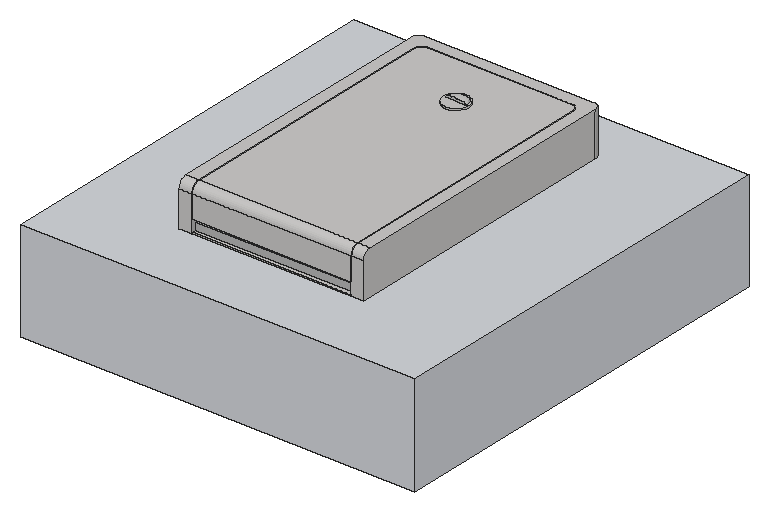
Revit family
Parameters (values of type "as Specified")
  seatangle [instance] = if(Fold Down, 90.00°, 0.00°)  # 0.00°
  dooradjustb [instance] = if(seatangle = 0.00°, 0' 1", 0' 3")  # 0' - 1"
  dooradjust [instance] = if(seatangle = 0.00°, 0' 4 1/4", 0' 2")  # 0' - 4 1/4"
  Warranty Duration (Years) = 0
  Unit Width = 1' - 10"
  Unit Height = 2' - 11 1/2"
  Unit Depth = 0' - 5 1/4"
  URL = "http://www.bobrick.com/Pages/default.aspx"
  Test Data = ""
  Standards Conformance = "Made in U.S.A."
  Specification = ""
  SpecWizard = ""
  Send Message = "http://www.arcat.com/users.pl?action=UserEmail&company=Bobrick+Washroom+Equipment,+Inc.&coid=30988&rep=156&fax=818-503-1930&mf="
  Sales Information = "http://www.bobrick.com/Pages/ContactUs.aspx"
  Revision = "R1_10_2012"
  Region Restriction = "None"
  Recycled Content = "68%"
  Product Properties = ""
  Product Data = "http://arcat.com/arcatcos/cos30/arc30988.html?isac=1&r=1"
  Mounting Height [instance] = 5' - 2 1/2"
  Model = "KB111-SSWM"
  Manufacturer Website = "http://www.bobrick.com/Pages/default.aspx"
  Manufacturer Phone - Toll Free = ""
  Manufacturer Phone = "818-764-1000"
  Manufacturer Fax = "818-503-1930"
  Manufacturer Address = "11611 Hart St. North Hollywood, CA 91605-5882"
  Manufacturer = "Bobrick Washroom Equipment, Inc."
  Maintenance Schedule (Months) = 0
  Keynote = "102813"
  Interior Color [instance] = Plastic - Bobrick - Grey
  Installation-Fabrication = "http://www.bobrick.com/washroomaccessories/Pages/WashroomAccessories.aspx"
  Installation Phase = ""
  Green Building-LEED = ""
  Fold Up [instance] = not(Fold Down)  # yes
  Fold Down [instance] = no
  Finish Material = Steel - Bobrick - Stainless Satin
  Expected Lifespan (Years) = 0
  Drawn By = "Sumex Design, Inc. / Robert S. Weygant, CSI, CDT, SCIP"
  Description = "Bobrick Vertical Baby Changing Station - Koala Kare KB111-SSWM"
  Default Elevation = 0' - 0"
  Copyright = "©Arcat Inc."
  Construction Details = ""
  Capacity = "60 lbs  ;  20 - 25 liners"
  Building Codes = ""
  Assembly Code = "E1090900"
Reference planes (in)
  plane 1 "x": y = 0.84457
  plane 2: z = 0
  plane 3 "Center (Left/Right)": x = 0
  plane 4: y = 18.59457
  plane 5: y = -16.90543
  plane 6: x = -11
  plane 7: x = 11
  plane 8: z = 1.5
  plane 9: z = 0
  plane 10: z = 5.25
  plane 11 "FF": y = -43.90543
  plane 12: z = 4.25
  plane 13: y = -15.90543
Forms (in)
  Extrusion 1, solid
    sketch origin (0, 0, 0) x (1, 0, 0) y (0, 1, 0)
      loop
        line (-23, 24.17835) -> (-23, -25.601) -> (23.9838, -25.601) -> (23.9838, 24.17835) -> (-23, 24.17835)
    from 0 to -12
  Extrusion 2, solid, material "Steel - Bobrick - Stainless Satin" <- "Finish Material"
    sketch origin (0, 0, 0) x (1, 0, 0) y (0, 1, 0)
      loop
        arc (-10, 18.59457) -> (-10.70711, 18.30168) -> (-11, 17.59457) r 1
        line (-11, 17.59457) -> (-11, -16.90543) -> (-9.5, -16.90543) -> (-9.5, 16.09457)
        arc (-9.5, 16.09457) -> (-9.20711, 16.80168) -> (-8.5, 17.09457) r 1
        line (-8.5, 17.09457) -> (8.5, 17.09457)
        arc (8.5, 17.09457) -> (9.20711, 16.80168) -> (9.5, 16.09457) r 1
        line (9.5, 16.09457) -> (9.5, -16.90543) -> (11, -16.90543) -> (11, 17.59457)
        arc (11, 17.59457) -> (10.70711, 18.30168) -> (10, 18.59457) r 1
        line (10, 18.59457) -> (-10, 18.59457)
    from 0 to 5.25
  Extrusion 3, solid, material "Steel - Bobrick - Stainless Satin" <- "Finish Material"
    sketch origin (-15.17702, -180, 0) x (-1, 0, 0) y (0, -1, 0)
      loop
        line (-5.67702, -197.09457) -> (-5.67702, -163.09457) -> (-24.67702, -163.09457) -> (-24.67702, -197.09457) -> (-5.67702, -197.09457)
    from 0.125 to 0
  Extrusion 4, solid, material "Steel - Bobrick - Stainless Satin" <- "Finish Material"
    sketch origin (0, -15.90543, 4.25) x (0, 1, 0) y (0, 0, 1)
      loop
        line (0, -0.25) -> (33, -0.25) -> (33, 1) -> (0, 1)
        arc (0, 1) -> (-0.70711, 0.70711) -> (-1, 0) r 1
        line (-1, 0) -> (-1, -2.75) -> (0, -2.75) -> (0, -0.25)
    from -9.5 to 9.5
  Extrusion 5, solid, material "Plastic - Bobrick - Grey" <- "Interior Color"
    sketch origin (0, -15.90543, 3.25) x (0, 1, 0) y (0, 0, 1)
      loop
        line (0, -3) -> (32.30443, -3) -> (32.30443, 0) -> (33, 0) -> (33, 0.75) -> (0, 0.75) -> (0, -3)
    from -9.5 to 9.5
  Extrusion 6, solid, material "Plastic - Bobrick - Grey" <- "Interior Color"
    sketch origin (0, -15.90543, 4.25) x (0, 1, 0) y (0, 0, 1)
      loop
        line (2.5, -2) -> (16.437, -2) -> (16.437, -0.75) -> (2.5, -0.75) -> (2.5, -2)
    from 8.75 to 7.743
  Extrusion 7, solid, material "Plastic - Bobrick - Grey" <- "Interior Color"
    sketch origin (0, -15.90543, 4.25) x (0, 1, 0) y (0, 0, -1)
      loop
        line (2.5, 2) -> (2.5, 0.75) -> (16.437, 0.75) -> (16.437, 2) -> (2.5, 2)
    from 7.70823 to 8.61153
  Extrusion 8, solid, material "Plastic - Bobrick - Grey" <- "Interior Color"
    sketch origin (0, 0, 0) x (0, 1, 0) y (0, 0, 1)
      loop
        arc (-9.34426, 2.7591) -> (-9.55478, 2.85283) -> (-9.69665, 2.67123) r 0.18715
        line (-9.69665, 2.67123) -> (-9.69665, 0.965) -> (-16.40543, 0.965) -> (-16.40543, 0.125) -> (17.09457, 0.125) -> (17.09457, 0.25) -> (-8.01015, 0.25) -> (-9.34426, 2.7591)
    from -10.25 to 10.25
  Extrusion 9, solid, material "Plastic - Bobrick - Grey" <- "Interior Color"
    sketch origin (0, 5.875, 0) x (0, 1, 0) y (0, 0, 1)
      loop
        line (-3.78043, 2.5) -> (-3.78043, 0.25) -> (5.50571, 0.25) -> (4.45652, 2.5) -> (-3.78043, 2.5)
    from 4 to -3
  Extrusion 10, void
    sketch origin (0, 17.09457, 5.25) x (0, -1, 0) y (1, 0, 0)
      loop
        line (0, -9.5) -> (1, -9.5)
        arc (1, -9.5) -> (0.29289, -9.20711) -> (0, -8.5) r 1
        line (0, -8.5) -> (0, -9.5)
    from 0 to -6
  Extrusion 11, void
    sketch origin (0, 17.09457, 5.25) x (0, -1, 0) y (1, 0, 0)
      loop
        line (0, 9.5) -> (0, 8.5)
        arc (0, 8.5) -> (0.29289, 9.20711) -> (1, 9.5) r 1
        line (1, 9.5) -> (0, 9.5)
    from 0 to -6
  Extrusion 12, solid, material "Steel - Bobrick - Stainless Satin" <- "Finish Material"
    sketch origin (0, 12.71957, 5.25) x (0, -1, 0) y (1, 0, 0)
      loop
        circle (2.11807, 0) r 1.5
    from 0 to 0.125
  Revolve 13, solid, material "Steel - Bobrick - Stainless Satin" <- "Finish Material"
    sketch origin (0, -5.28043, 4.25) x (0, 1, 0) y (0, 0, 1)
      loop
        line (15.88193, 1) -> (17.38193, 1) -> (17.38193, 1.125) -> (17.13193, 1.125)
        spline (17.13193, 1.125) -> (17.12124, 1.17395) -> (17.08934, 1.22206) -> (17.03678, 1.26851) -> (16.96446, 1.3125) -> (16.87362, 1.35329) -> (16.76582, 1.39017) -> (16.64288, 1.42251) -> (16.50693, 1.44976) -> (16.36029, 1.47145) -> (16.20546, 1.48722) -> (16.04509, 1.49679) -> (15.88193, 1.5)
        line (15.88193, 1.5) -> (15.88193, 1)
      axis (15.88193, 1) -> (15.88193, 1.5)
    angle from 90 to -90
  Extrusion 14, void
    sketch origin (0, 16.399, 3.25) x (0, 0, -1) y (-1, 0, 0)
      loop
        line (3, -8.75) -> (3, 10.25)
        arc (3, 10.25) -> (0.58705, 0.75) -> (3, -8.75) r 19.90768
    from 0 to -32.50105
  Extrusion 15, solid, material "Plastic - Bobrick - Grey" <- "Interior Color"
    sketch origin (0, 0, 0) x (0, 1, 0) y (0, 0, 1)
      loop
        line (4.07159, 2.25) -> (-4.65543, 2.25) -> (-4.65543, 0.25) -> (5.1635, 0.25) -> (4.07159, 2.25)
    from 4 to 8.11172
  Extrusion 16, void
    sketch origin (0, 0, 0) x (0, 1, 0) y (0, 0, 1)
      loop
        line (-16.90543, 5.25) -> (-16.90543, 4.25)
        arc (-16.90543, 4.25) -> (-16.61254, 4.95711) -> (-15.90543, 5.25) r 1
        line (-15.90543, 5.25) -> (-16.90543, 5.25)
    from -11 to 11
Cuts and joins
  Extrusion 10, Extrusion 11, Extrusion 14 cuts Extrusion 5
  joined: Extrusion 5, Extrusion 6, Extrusion 7
  joined: Extrusion 8, Extrusion 9
  Extrusion 10, Extrusion 11, Extrusion 16 cuts Extrusion 4
  joined: Extrusion 12, Revolve 13
  Extrusion 16 cuts Extrusion 2
Lines and regions (in)
  symbolic lines, style "SpecialityEquipmentHiddenLines"
    curve 1: line (-9, 16.59457, 0) -> (0, -16.90543, 0)
    curve 2: line (0, -16.90543, 0) -> (9, 16.59457, 0)
  reference lines
    curve 3: line (0, -15.90543, 4.25) -> (0, -11.90543, 4.25)
Dimensions and locks (in)
  equal spacing: plane 4, plane 1 "x", plane 5
  "Unit Height": plane 4 to plane 5
  equal spacing: plane 6, plane 3 "Center (Left/Right)", plane 7
  "Unit Width": plane 6 to plane 7
  locked: level to plane 9
  "Unit Depth": plane 9 to plane 10
  "dooradjustb": plane 5 to plane 13
  "dooradjust": plane 12 to plane 9
  Extrusion 9 sketch curve to Extrusion 9 sketch curve to plane 9 = 0' - 2 1/4" locked, 0' - 0 1/4" locked
  plane 5 to Extrusion 8 sketch curve to Extrusion 8 sketch curve to Extrusion 8 sketch curve to Extrusion 8 sketch curve = 0' - 0 1/2" locked, 0' - 6.70878" locked, 0' - 0.18715" locked, 0' - 1.49936" locked
  Extrusion 8 sketch curve to Extrusion 8 sketch curve to plane 9 = 0' - 1.70623" locked, 0' - 0.965" locked
  Extrusion 8 sketch curve to Extrusion 8 sketch curve to plane 9 = 0' - 0 1/8" locked, 0' - 0 1/8" locked
  "Mounting Height": plane 4 to plane 11 "FF"
  locked: Extrusion 12 sketch curve to plane 3 "Center (Left/Right)"
  locked: Extrusion 3 sketch curve to plane 5 at 0
  locked: plane 10 to Extrusion 16 sketch curve at 1
  locked: plane 5 to Extrusion 16 sketch curve at 1
  plane 5 to Extrusion 15 sketch curve to Extrusion 15 sketch curve to Extrusion 15 sketch curve = 1' - 0 1/4" locked, 0' - 8.72702" locked, 0' - 1.09191" locked
  "seatangle": angle plane 12 to curve 3
  aligned and locked: plane 2 to Extrusion 1
  aligned and locked: level to Extrusion 1
  aligned and locked: curve 3 to plane 13
  aligned and locked: plane 12 to curve 3
Automatic sketch dimensions
  curve 2 to plane 3 "Center (Left/Right)" = 0' - 0"
  plane 6 to curve 1 = 0' - 2"
  curve 2 to plane 7 = 0' - 2"
  plane 13 to curve 1 = 0' - 1"
  curve 2 to plane 4 = 0' - 2"
  curve 1 to plane 4 = 0' - 2"
  Extrusion 1 sketch curve to Extrusion 1 sketch curve = 3' - 10.9838"
  Extrusion 1 sketch curve to Extrusion 1 sketch curve = 4' - 1.77934"
  Extrusion 6 sketch curve to curve 3 = 0' - 1 1/2"
  curve 3 to Extrusion 6 sketch curve = 0' - 0 3/4"
  curve 3 to Extrusion 6 sketch curve = 1' - 0.437"
  Extrusion 6 sketch curve to curve 3 = 0' - 2"
  Extrusion 7 sketch curve to curve 3 = 0' - 1 1/2"
  Extrusion 7 sketch curve to curve 3 = 0' - 0 3/4"
  curve 3 to Extrusion 7 sketch curve = 1' - 0.437"
  Extrusion 7 sketch curve to Extrusion 7 sketch curve = 0' - 1 1/4"
  Extrusion 11 sketch curve to Extrusion 4 = 0' - 0"
  Extrusion 4 to Extrusion 11 sketch curve = 0' - 0"
  Extrusion 11 sketch curve to Extrusion 11 sketch curve = 0' - 1"
  Extrusion 10 sketch curve to Extrusion 4 = 0' - 0"  (x2)
  Extrusion 4 to Extrusion 10 sketch curve = 0' - 1"
  Extrusion 4 to Extrusion 12 sketch curve = 0' - 6.49307"
  Revolve 13 sketch curve to curve 3 = 0' - 1"
  curve 3 to Revolve 13 sketch curve = 1' - 10.50693"
  Revolve 13 sketch curve to Revolve 13 sketch curve = 0' - 0"  (x2)
  Revolve 13 sketch curve to Revolve 13 sketch curve = 0' - 1 1/4"
  Revolve 13 sketch curve to Revolve 13 sketch curve = 0' - 0 1/4"
  Revolve 13 sketch curve to Revolve 13 sketch curve = 0' - 0 1/8"
  Revolve 13 sketch curve to Revolve 13 sketch curve = 0' - 0 3/8"
  Revolve 13 sketch curve to Revolve 13 sketch curve = 0' - 1.33826"
  curve 3 to Extrusion 5 sketch curve = 0' - 0"
  Extrusion 5 sketch curve to curve 3 = 0' - 0 1/4"
  Extrusion 5 sketch curve to Extrusion 5 sketch curve = 0' - 0.69557"
  Extrusion 5 sketch curve to Extrusion 5 sketch curve = 0' - 0 3/4"
  Extrusion 5 sketch curve to curve 3 = 0' - 4"
  curve 3 to Extrusion 5 sketch curve = 2' - 4.30443"
  Extrusion 14 sketch curve to Extrusion 5 = 0' - 0"
  Extrusion 5 to Extrusion 14 sketch curve = 1' - 5.49474"
  Extrusion 5 to Extrusion 14 sketch curve = 0' - 0 3/4"
  Extrusion 5 to Extrusion 14 sketch curve = 0' - 10 1/4"
  Extrusion 9 sketch curve to plane 1 "x" = 0' - 1 1/4"
  Extrusion 9 sketch curve to Extrusion 9 sketch curve = 0' - 8.23695"
  Extrusion 9 sketch curve to Extrusion 9 sketch curve = 0' - 1.04919"
  Extrusion 4 sketch curve to curve 3 = 0' - 0"  (x3)
  Extrusion 4 sketch curve to curve 3 = 0' - 2 3/4"
  Extrusion 4 sketch curve to curve 3 = 0' - 0 1/4"
  curve 3 to Extrusion 4 sketch curve = 0' - 1"
  curve 3 to Extrusion 4 sketch curve = 2' - 5"
  Extrusion 3 sketch curve to plane 7 = 0' - 1 1/2"
  plane 6 to Extrusion 3 sketch curve = 0' - 1 1/2"
  Extrusion 3 sketch curve to plane 4 = 0' - 1 1/2"
  Extrusion 16 sketch curve to plane 5 = 0' - 0"
  Extrusion 8 sketch curve to Extrusion 8 sketch curve = 0' - 0.16525"
  Extrusion 8 sketch curve to plane 4 = 0' - 1 1/2"
  level to Extrusion 15 sketch curve = 0' - 0 1/4"
  plane 8 to Extrusion 15 sketch curve = 0' - 0 3/4"
  Extrusion 2 sketch curve to plane 6 = 0' - 0"
  Extrusion 2 sketch curve to plane 4 = 0' - 0"
  Extrusion 2 sketch curve to plane 5 = 0' - 0"  (x2)
  Extrusion 2 sketch curve to plane 7 = 0' - 0"
  Extrusion 2 sketch curve to Extrusion 2 sketch curve = 0' - 1"  (x3)
  Extrusion 2 sketch curve to Extrusion 2 sketch curve = 0' - 1 1/2"  (x2)
  Extrusion 2 sketch curve to plane 7 = 0' - 2 1/2"
  Extrusion 2 sketch curve to plane 4 = 0' - 1"
  radius of Extrusion 12 sketch curve = 0' - 1 1/2"
